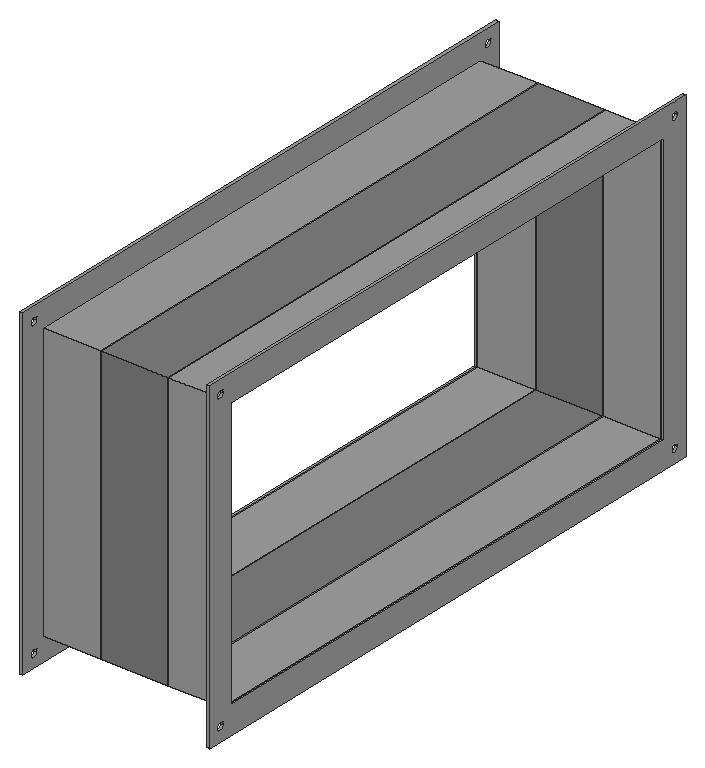
Revit family "Вставка гибкая G прямоугольная", category Арматура воздуховодов, Revit 2019
Family settings
  Размер круглого соединителя = Использовать диаметр
  Тип детали = Вставляется
  На основе рабочей плоскости = Нет
  Всегда вертикально = Да
  При загрузке вырезать с полостями = Нет
  Общий = Нет
Parameters (values of type "Вставка гибкая G-4020")
  Материал = RAL 0000 Серый металл
  w = 20 mm
  H = 200 mm
  B = 400 mm
  ADSK_Примечание = ""
  ADSK_Позиция = ""
  ADSK_Наименование = "Вставка гибкая прямоугольная"  # constant formula
  ADSK_Масса = 0
  ADSK_Марка = "G-4020"
  ADSK_Код изделия = ""
  ADSK_Завод-изготовитель = "Naveka"  # constant formula
  ADSK_Единица измерения = "шт."
Types (9, lengths in mm): name | w | H | B | ADSK_Марка
  (no name) | 20 | 200 | 400 | "G-4020"
  Вставка гибкая G-4020 | 20 | 200 | 400 | "G-4020"
  Вставка гибкая G-5025 | 20 | 250 | 500 | "G-5025"
  Вставка гибкая G-5030 | 20 | 300 | 500 | "G-5030"
  Вставка гибкая G-6030 | 20 | 300 | 600 | "G-6030"
  Вставка гибкая G-6035 | 20 | 350 | 600 | "G-6035"
  Вставка гибкая G-7040 | 30 | 400 | 700 | "G-7040"
  Вставка гибкая G-8050 | 30 | 500 | 800 | "G-8050"
  Вставка гибкая G-10050 | 30 | 500 | 1000 | "G-10050"
Reference planes
  plane 1 "По центру (Вперед/Назад)": y = 0
  plane 2: z = 0
  plane 3 "По центру (Влево/Вправо)": x = 0
  plane 4: x = 69.974
  plane 5: x = 24.974
  plane 6: x = -24.974
  plane 7: x = -69.974
  plane 8: y = -200
  plane 9: y = 200
  plane 10: z = -100
  plane 11: z = 100
  plane 12: y = 202
  plane 13: y = -202
  plane 14: z = 102
  plane 15: z = -102
  plane 16: x = -67.974
  plane 17: x = 67.974
  plane 18: y = 220
  plane 19: y = -220
  plane 20: z = 120
  plane 21: z = -120
  plane 22: y = 210
  plane 23: y = -210
  plane 24: z = -110
  plane 25: z = 110
Forms (mm)
  Extrusion 1, solid, material "Гибкая вставка"
    sketch origin (0, 0, 0) x (0, 1, 0) y (0, 0, 1)
      loop
        line (202, 102) -> (-202, 102) -> (-202, -102) -> (202, -102) -> (202, 102)
      loop
        line (200, 100) -> (-200, 100) -> (-200, -100) -> (200, -100) -> (200, 100)
    from -24.974 to 24.974
  Extrusion 2, solid, material "RAL 0000 Серый металл" <- "Материал"
    sketch origin (0, 0, 0) x (0, 1, 0) y (0, 0, 1)
      loop
        line (200, 100) -> (-200, 100) -> (-200, -100) -> (200, -100) -> (200, 100)
      loop
        line (202, 102) -> (-202, 102) -> (-202, -102) -> (202, -102) -> (202, 102)
    from -67.974 to -24.974
  Extrusion 3, solid, material "RAL 0000 Серый металл" <- "Материал"
    sketch origin (0, 0, 0) x (0, 1, 0) y (0, 0, 1)
      loop
        line (202, 102) -> (-202, 102) -> (-202, -102) -> (202, -102) -> (202, 102)
      loop
        line (200, 100) -> (-200, 100) -> (-200, -100) -> (200, -100) -> (200, 100)
    from 24.974 to 67.974
  Extrusion 4, solid, material "RAL 0000 Серый металл" <- "Материал"
    sketch origin (0, 0, 0) x (0, 1, 0) y (0, 0, 1)
      loop
        line (220, 120) -> (-220, 120) -> (-220, -120) -> (220, -120) -> (220, 120)
      loop
        line (200, 100) -> (-200, 100) -> (-200, -100) -> (200, -100) -> (200, 100)
    from 67.974 to 69.974
  Extrusion 5, solid, material "RAL 0000 Серый металл" <- "Материал"
    sketch origin (0, 0, 0) x (0, 1, 0) y (0, 0, 1)
      loop
        line (220, 120) -> (-220, 120) -> (-220, -120) -> (220, -120) -> (220, 120)
      loop
        line (200, 100) -> (-200, 100) -> (-200, -100) -> (200, -100) -> (200, 100)
    from -69.974 to -67.974
  Extrusion 6, void
    sketch origin (0, 0, 0) x (0, 1, 0) y (0, 0, 1)
      loop
        circle (210, 110) r 2.997
      loop
        circle (-210, 110) r 2.997
      loop
        circle (-210, -110) r 2.997
      loop
        circle (210, -110) r 2.997
    from -69.974 to 69.974
Cuts and joins
  Extrusion 6 cuts Extrusion 5
  Extrusion 6 cuts Extrusion 4
Dimensions and locks
  plane 5 to plane 4 = 45 mm
  plane 7 to plane 6 = 45 mm
  locked: plane 6 to plane 5 at 50
  locked: plane 7 to plane 4 at 139.948
  equal spacing: plane 6, plane 3 "По центру (Влево/Вправо)", plane 5
  "B": plane 9 to plane 8
  equal spacing: plane 9, plane 1 "По центру (Вперед/Назад)", plane 8
  equal spacing: plane 11, level, plane 10
  "H": plane 11 to plane 10
  locked: plane 14 to plane 11 at 2
  locked: plane 12 to plane 9 at 2
  locked: plane 8 to plane 13 at 2
  locked: plane 10 to plane 15 at 2
  locked: plane 7 to plane 16 at 2
  locked: plane 17 to plane 4 at 2
  "w": plane 10 to plane 21
  "w": plane 20 to plane 11
  "w": plane 8 to plane 19
  "w": plane 18 to plane 9
  equal spacing: plane 18, plane 22, plane 9
  equal spacing: plane 8, plane 23, plane 19
  equal spacing: plane 20, plane 25, plane 11
  equal spacing: plane 10, plane 24, plane 21
  aligned and locked: level to plane 2
  aligned and locked: plane 5 to Extrusion 3
  aligned and locked: Extrusion 1 to plane 5
  aligned and locked: Extrusion 2 to plane 6
  aligned and locked: plane 6 to Extrusion 1
  aligned and locked: plane 14 to Extrusion 2 sketch curve
  aligned and locked: Extrusion 2 sketch curve to plane 12
  aligned and locked: Extrusion 2 sketch curve to plane 15
  aligned and locked: plane 13 to Extrusion 2 sketch curve
  aligned and locked: Extrusion 1 sketch curve to Extrusion 2  (x8)
  aligned and locked: Extrusion 3 sketch curve to Extrusion 1  (x8)
  aligned and locked: plane 16 to Extrusion 2
  aligned and locked: Extrusion 3 to plane 17
  aligned and locked: plane 20 to Extrusion 4 sketch curve
  aligned and locked: Extrusion 4 sketch curve to plane 18
  aligned and locked: Extrusion 4 sketch curve to plane 21
  aligned and locked: plane 19 to Extrusion 4 sketch curve
  aligned and locked: Extrusion 4 sketch curve to plane 8
  aligned and locked: plane 10 to Extrusion 4 sketch curve
  aligned and locked: plane 9 to Extrusion 4 sketch curve
  aligned and locked: Extrusion 4 sketch curve to plane 11
  aligned and locked: Extrusion 4 to plane 4
  aligned and locked: plane 17 to Extrusion 4
  aligned and locked: Extrusion 5 sketch curve to plane 8
  aligned and locked: Extrusion 5 sketch curve to plane 19
  aligned and locked: plane 10 to Extrusion 5 sketch curve
  aligned and locked: plane 21 to Extrusion 5 sketch curve
  aligned and locked: Extrusion 5 sketch curve to plane 11
  aligned and locked: Extrusion 5 sketch curve to plane 20
  aligned and locked: plane 9 to Extrusion 5 sketch curve
  aligned and locked: plane 18 to Extrusion 5 sketch curve
  aligned and locked: plane 7 to Extrusion 5
  aligned and locked: Extrusion 5 to plane 16
  aligned and locked: plane 22 to Extrusion 6 sketch curve  (x2)
  aligned and locked: plane 24 to Extrusion 6 sketch curve  (x2)
  aligned and locked: plane 23 to Extrusion 6 sketch curve  (x2)
  aligned and locked: plane 25 to Extrusion 6 sketch curve  (x2)
  aligned and locked: plane 7 to Extrusion 6
  aligned and locked: Extrusion 6 to plane 4
Automatic sketch dimensions
  Extrusion 2 sketch curve to plane 8 = 0 mm
  Extrusion 2 sketch curve to plane 9 = 0 mm
  Extrusion 2 sketch curve to plane 10 = 0 mm
  Extrusion 2 sketch curve to plane 11 = 0 mm
  radius of Extrusion 6 sketch curve = 2.997 mm  (x4)
Connectors
  hvac at (-67.974, 0, 0), driven by "H", driven by "B"
    settings: on Extrusion 2, index 1, duct flow 0.0 L/s, flow factor 0, pres drop 0.0 Pa, loss coef 0, conn angle 0.00°, conn width 400 mm, conn height 200 mm, conn diameter 125 mm, duct sys type 28, conn prof type 1, flow config 0, flow direction 0, loss method 0, conn ref index 2, conn util no, is conn primary yes, conn desc ""
  hvac at (67.974, 0, 0), driven by "H", driven by "B"
    settings: on Extrusion 3, index 2, duct flow 0.0 L/s, flow factor 0, pres drop 0.0 Pa, loss coef 0, conn angle 0.00°, conn width 400 mm, conn height 200 mm, conn diameter 125 mm, duct sys type 28, conn prof type 1, flow config 0, flow direction 0, loss method 0, conn ref index 1, conn util no, is conn primary no, conn desc ""
